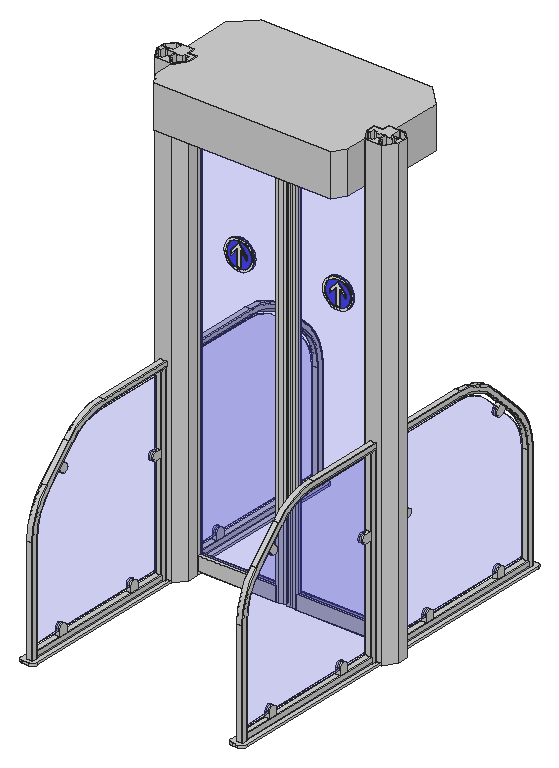
Revit family "agtatec_Record_ScrtTnnl_FlipFlowWide_Standalone2", category Doors, Revit 2015 (continued)
Lines and regions (mm)
  symbolic lines, detail levels fine
    curve 50: line (469.9, -65.303, 0) -> (469.9, -44, 0)
    curve 51: line (452.3, -65.303, 0) -> (469.9, -65.303, 0)
    curve 52: line (452.3, -67.057, 0) -> (452.3, -65.303, 0)
    curve 53: line (486.52, -121.863, 0) -> (452.3, -67.057, 0)
    curve 54: line (534.65, -90.06, 0) -> (534.65, -53.5, 0)
    curve 55: line (543.15, -90.06, 0) -> (534.65, -90.06, 0)
    curve 56: line (543.15, -103.76, 0) -> (543.15, -90.06, 0)
    curve 57: line (550.15, -103.76, 0) -> (543.15, -103.76, 0)
    curve 58: line (550.15, -113.76, 0) -> (550.15, -103.76, 0)
    curve 59: line (560.85, -113.76, 0) -> (550.15, -113.76, 0)
    curve 60: line (577.78, -121.863, 0) -> (560.85, -121.863, 0)
    curve 61: line (612, -67.057, 0) -> (577.78, -121.863, 0)
    curve 62: line (612, -65.303, 0) -> (612, -67.057, 0)
    curve 63: line (594.6, -65.303, 0) -> (612, -65.303, 0)
    curve 64: line (594.6, -44, 0) -> (594.6, -65.303, 0)
    curve 65: line (571.65, -44, 0) -> (594.6, -44, 0)
    curve 66: line (571.65, -53.5, 0) -> (571.65, -44, 0)
    curve 67: line (534.65, -53.5, 0) -> (571.65, -53.5, 0)
    curve 68: line (612, -39, 0) -> (552.6, -39, 0)
    curve 69: line (612, -21.326, 0) -> (612, -39, 0)
    curve 70: line (579.934, 10.74, 0) -> (612, -21.326, 0)
    curve 71: line (556, 10.74, 0) -> (579.934, 10.74, 0)
    curve 72: line (556, 7.95, 0) -> (556, 10.74, 0)
    curve 73: line (552.6, 7.95, 0) -> (556, 7.95, 0)
    curve 74: line (552.6, -39, 0) -> (552.6, 7.95, 0)
    curve 75: line (560.85, -121.863, 0) -> (560.85, -113.76, 0)
    curve 76: line (492.65, -44, 0) -> (492.65, -53.5, 0)
  reference lines
    curve 38: line (-536.4, 0, 0) -> (-536.4, 17.45, 0)
    curve 39: line (536.4, 0, 0) -> (536.4, 17.24, 0)
  symbolic lines, detail levels medium+fine
    curve 77: line (-520.358, -978.395, 0) -> (-544.441, -978.395, 0)
    curve 78: line (-547.441, -128.76, 0) -> (-547.441, -975.394, 0)
    curve 79: line (-517.358, -975.396, 0) -> (-517.358, -128.76, 0)
    curve 80: arc (-517.4, -975.396, 0) -> (-518.264, -977.502, 0) -> (-520.358, -978.395, 0) r 2.999
    curve 81: arc (-544.441, -978.395, 0) -> (-546.536, -977.501, 0) -> (-547.4, -975.394, 0) r 3.001
    curve 92: line (517.358, -128.76, 0) -> (517.358, -975.396, 0)
    curve 93: line (547.441, -975.394, 0) -> (547.441, -128.76, 0)
    curve 94: line (544.441, -978.395, 0) -> (520.358, -978.395, 0)
    curve 95: arc (520.358, -978.395, 0) -> (518.264, -977.502, 0) -> (517.4, -975.396, 0) r 2.999
    curve 96: arc (547.4, -975.394, 0) -> (546.536, -977.501, 0) -> (544.441, -978.395, 0) r 3.001
  symbolic lines, visible <- "LargeRailing", detail levels medium+fine
    curve 82: line (-547.441, 1214.801, 0) -> (-547.441, 17.45, 0)
    curve 83: line (-517.358, 17.45, 0) -> (-517.358, 1214.803, 0)
    curve 84: line (-544.441, 1217.802, 0) -> (-520.358, 1217.802, 0)
    curve 85: arc (-520.358, 1217.802, 0) -> (-518.264, 1216.91, 0) -> (-517.4, 1214.803, 0) r 2.999
    curve 86: arc (-547.4, 1214.801, 0) -> (-546.536, 1216.909, 0) -> (-544.441, 1217.802, 0) r 3.001
    curve 97: line (517.358, 1214.803, 0) -> (517.358, 17.45, 0)
    curve 98: line (547.441, 17.45, 0) -> (547.441, 1214.801, 0)
    curve 99: line (520.358, 1217.802, 0) -> (544.441, 1217.802, 0)
    curve 100: arc (517.4, 1214.803, 0) -> (518.264, 1216.91, 0) -> (520.358, 1217.802, 0) r 2.999
    curve 101: arc (544.441, 1217.802, 0) -> (546.536, 1216.909, 0) -> (547.4, 1214.801, 0) r 3.001
  symbolic lines, visible <- "ShortRailing", detail levels medium+fine
    curve 87: line (-544.441, 867.085, 0) -> (-520.358, 867.085, 0)
    curve 88: arc (-547.4, 864.084, 0) -> (-546.536, 866.191, 0) -> (-544.441, 867.085, 0) r 3.001
    curve 89: arc (-520.358, 867.085, 0) -> (-518.264, 866.192, 0) -> (-517.4, 864.086, 0) r 2.999
    curve 90: line (-517.358, 17.45, 0) -> (-517.358, 864.086, 0)
    curve 91: line (-547.441, 864.084, 0) -> (-547.441, 17.45, 0)
    curve 102: line (520.358, 867.085, 0) -> (544.441, 867.085, 0)
    curve 103: arc (544.441, 867.085, 0) -> (546.536, 866.191, 0) -> (547.4, 864.084, 0) r 3.001
    curve 104: arc (517.4, 864.086, 0) -> (518.264, 866.192, 0) -> (520.358, 867.085, 0) r 2.999
    curve 105: line (517.358, 864.086, 0) -> (517.358, 17.45, 0)
    curve 106: line (547.441, 17.45, 0) -> (547.441, 864.084, 0)
Dimensions and locks
  "PassageHeight": plane 5 "PH" to plane 2
  "CanopyHeight": plane 4 "Top" to plane 5 "PH"
  equal spacing: plane 6, plane 3 "Center (Left/Right)", plane 7
  "PassageWidth": plane 6 to plane 7
  locked: plane 7 to plane 8 at 23.1
  locked: plane 9 to plane 6 at 23.1
  plane 10 "Right" to plane 11 = 8.00 mm
  locked: plane 1 "Entry" to plane 14 at 9.35
  locked: plane 14 to plane 15 at 8.1
  locked: plane 5 "PH" to plane 17 at 19.1
  locked: plane 13 to plane 12 "Left" at 8
  locked: plane 12 "Left" to plane 9 at 55.3
  locked: plane 8 to plane 10 "Right" at 55.3
  locked: Extrusion 48 sketch curve to plane 5 "PH" at 51.33
  locked: Extrusion 48 sketch curve to plane 5 "PH" at 38.08
  plane 5 "PH" to Extrusion 48 sketch curve = 64.58 mm
  aligned and locked: level to plane 2
  aligned and locked: Sweep 1 sketch curve to plane 7
  aligned and locked: plane 1 "Entry" to nested 1
  aligned and locked: plane 9 to nested 1
  aligned and locked: plane 8 to nested 2
  aligned and locked: nested 2 to plane 1 "Entry"
  aligned and locked: Masking region 1 sketch curve to Sweep 2  (x9)
  aligned and locked: curve 1 to Sweep 2
  aligned and locked: curve 2 to Sweep 2
  aligned and locked: curve 3 to Sweep 2
  aligned and locked: curve 4 to Sweep 2
  aligned and locked: curve 5 to Sweep 2
  aligned and locked: curve 6 to Sweep 2
  aligned and locked: curve 7 to Sweep 2
  aligned and locked: curve 8 to Sweep 2
  aligned and locked: curve 9 to Sweep 2
  aligned and locked: curve 10 to Sweep 2
  aligned and locked: curve 11 to Sweep 2
  aligned and locked: curve 12 to Sweep 2
  aligned and locked: curve 13 to Sweep 2
  aligned and locked: curve 14 to Sweep 2
  aligned and locked: curve 15 to Sweep 2
  aligned and locked: curve 16 to Sweep 2
  aligned and locked: curve 17 to Sweep 2
  aligned and locked: curve 18 to Sweep 2
  aligned and locked: curve 19 to Sweep 2
  aligned and locked: curve 20 to Sweep 2
  aligned and locked: curve 21 to Sweep 2
  aligned and locked: curve 22 to Sweep 2
  aligned and locked: curve 23 to Sweep 2
  aligned and locked: curve 24 to Sweep 2
  aligned and locked: curve 25 to Sweep 2
  aligned and locked: curve 26 to Sweep 2
  aligned and locked: curve 27 to Sweep 2
  aligned and locked: curve 28 to Sweep 2
  aligned and locked: curve 29 to Sweep 2
  aligned and locked: curve 30 to Sweep 2
  aligned and locked: curve 31 to Sweep 2
  aligned and locked: curve 32 to Sweep 2
  aligned and locked: curve 33 to Sweep 2
  aligned and locked: curve 34 to Sweep 2
  aligned and locked: curve 35 to Sweep 2
  aligned and locked: curve 36 to Sweep 2
  aligned and locked: curve 37 to Sweep 2
  aligned and locked: curve 39 to plane 11
  aligned and locked: Extrusion 6 sketch curve to Sweep 1  (x2)
  aligned and locked: Extrusion 6 sketch curve to Sweep 2  (x2)
  aligned and locked: Masking region 2 sketch curve to Sweep 1  (x9)
  aligned and locked: curve 40 to Sweep 1
  aligned and locked: curve 41 to Sweep 1
  aligned and locked: curve 42 to Sweep 1
  aligned and locked: curve 43 to Sweep 1
  aligned and locked: curve 44 to Sweep 1
  aligned and locked: curve 45 to Sweep 1
  aligned and locked: curve 46 to Sweep 1
  aligned and locked: curve 47 to Sweep 1
  aligned and locked: Sweep 1 to curve 48
  aligned and locked: curve 49 to Sweep 1
  aligned and locked: curve 50 to Sweep 1
  aligned and locked: curve 51 to Sweep 1
  aligned and locked: curve 52 to Sweep 1
  aligned and locked: curve 53 to Sweep 1
  aligned and locked: curve 54 to Sweep 1
  aligned and locked: curve 55 to Sweep 1
  aligned and locked: curve 56 to Sweep 1
  aligned and locked: curve 57 to Sweep 1
  aligned and locked: curve 58 to Sweep 1
  aligned and locked: curve 59 to Sweep 1
  aligned and locked: curve 60 to Sweep 1
  aligned and locked: curve 61 to Sweep 1
  aligned and locked: curve 62 to Sweep 1
  aligned and locked: curve 63 to Sweep 1
  aligned and locked: curve 64 to Sweep 1
  aligned and locked: curve 65 to Sweep 1
  aligned and locked: curve 66 to Sweep 1
  aligned and locked: curve 67 to Sweep 1
  aligned and locked: curve 68 to Sweep 1
  aligned and locked: curve 69 to Sweep 1
  aligned and locked: curve 70 to Sweep 1
  aligned and locked: curve 71 to Sweep 1
  aligned and locked: curve 72 to Sweep 1
  aligned and locked: curve 73 to Sweep 1
  aligned and locked: curve 74 to Sweep 1
  aligned and locked: curve 75 to Sweep 1
  aligned and locked: curve 76 to Sweep 1
  aligned and locked: Extrusion 10 sketch curve to plane 15
  aligned and locked: Extrusion 13 to plane 11
  aligned and locked: plane 15 to Sweep 8 sketch curve
  aligned and locked: Extrusion 15 to plane 11
  aligned and locked: Extrusion 16 to plane 11
  aligned and locked: plane 3 "Center (Left/Right)" to nested 3
  aligned and locked: plane 1 "Entry" to nested 3
  aligned and locked: Masking region 3 sketch curve to Extrusion 23  (x3)
  aligned and locked: Sweep 2 to Masking region 3 sketch curve
  aligned and locked: Masking region 4 sketch curve to Extrusion 42  (x3)
  aligned and locked: Masking region 4 sketch curve to Sweep 2
  aligned and locked: Masking region 5 sketch curve to Extrusion 24  (x3)
  aligned and locked: Masking region 5 sketch curve to Sweep 2
  aligned and locked: curve 77 to Extrusion 23
  aligned and locked: curve 78 to Extrusion 32
  aligned and locked: curve 79 to Extrusion 32
  aligned and locked: curve 80 to Extrusion 23
  aligned and locked: curve 81 to Extrusion 23
  aligned and locked: curve 82 to Extrusion 25
  aligned and locked: curve 83 to Extrusion 25
  aligned and locked: curve 84 to Extrusion 24
  aligned and locked: curve 85 to Extrusion 24
  aligned and locked: curve 86 to Extrusion 24
  aligned and locked: curve 87 to Extrusion 42
  aligned and locked: curve 88 to Extrusion 42
  aligned and locked: curve 89 to Extrusion 42
  aligned and locked: curve 90 to Extrusion 45
  aligned and locked: curve 91 to Extrusion 45
  aligned and locked: Masking region 6 sketch curve to Extrusion 9  (x3)
  aligned and locked: Sweep 1 to Masking region 6 sketch curve
  aligned and locked: curve 92 to Extrusion 18
  aligned and locked: curve 93 to Extrusion 18
  aligned and locked: curve 94 to Extrusion 9
  aligned and locked: curve 95 to Extrusion 9
  aligned and locked: curve 96 to Extrusion 9
  aligned and locked: Masking region 7 sketch curve to Extrusion 36  (x3)
  aligned and locked: Sweep 1 to Masking region 7 sketch curve
  aligned and locked: Masking region 8 sketch curve to Extrusion 10  (x3)
  aligned and locked: Sweep 1 to Masking region 8 sketch curve
  aligned and locked: curve 97 to Extrusion 11
  aligned and locked: curve 98 to Extrusion 11
  aligned and locked: curve 99 to Extrusion 10
  aligned and locked: curve 100 to Extrusion 10
  aligned and locked: curve 101 to Extrusion 10
  aligned and locked: curve 102 to Extrusion 36
  aligned and locked: curve 103 to Extrusion 36
  aligned and locked: curve 104 to Extrusion 36
  aligned and locked: curve 105 to Extrusion 39
  aligned and locked: curve 106 to Extrusion 39
  aligned and locked: Extrusion 3 sketch curve to cut or joined group of Extrusion 3, Extrusion 4, Extrusion 5, Extrusion 6  (x19)
  aligned and locked: cut or joined group of Extrusion 3, Extrusion 4, Extrusion 5, Extrusion 6 to Extrusion 3 sketch curve
  aligned and locked: plane 5 "PH" to Extrusion 47 sketch curve
Automatic sketch dimensions
  plane 1 "Entry" to curve 38 = 0.00 mm
  curve 38 to plane 13 = 0.00 mm  (x2)
  plane 15 to curve 38 = 0.00 mm
  plane 1 "Entry" to curve 39 = 0.00 mm
  curve 39 to curve 39 = 14.122 mm
  Sweep 1 sketch curve to level = 0.00 mm
  Sweep 1 sketch curve to plane 4 "Top" = 0.00 mm
  Sweep 1 sketch curve to profile plane = 0.00 mm
  profile plane to Sweep 1 sketch curve = 2.30 mm
  profile plane to Sweep 1 sketch curve = 19.90 mm
  profile plane to Sweep 1 sketch curve = 36.52 mm
  Sweep 1 sketch curve to Sweep 1 sketch curve = 0.946 mm
  Sweep 1 sketch curve to Sweep 1 sketch curve = 22.75 mm
  Sweep 1 sketch curve to Sweep 1 sketch curve = 0.646 mm
  Sweep 1 sketch curve to Sweep 1 sketch curve = 16.93 mm
  Sweep 1 sketch curve to Sweep 1 sketch curve = 10.70 mm  (x2)
  Sweep 1 sketch curve to Sweep 1 sketch curve = 7.00 mm  (x2)
  Sweep 1 sketch curve to Sweep 1 sketch curve = 37.00 mm
  Sweep 1 sketch curve to Sweep 1 sketch curve = 5.00 mm  (x2)
  Sweep 1 sketch curve to Sweep 1 sketch curve = 8.50 mm
  Sweep 1 sketch curve to Sweep 1 sketch curve = 17.95 mm
  Sweep 1 sketch curve to Sweep 1 sketch curve = 3.40 mm
  Sweep 1 sketch curve to Sweep 1 sketch curve = 19.05 mm
  Sweep 1 sketch curve to Sweep 1 sketch curve = 20.752 mm
  Sweep 1 sketch curve to Sweep 1 sketch curve = 16.185 mm
  Sweep 1 sketch curve to Sweep 1 sketch curve = 0.746 mm
  Sweep 1 sketch curve to Sweep 1 sketch curve = 3.182 mm
  Sweep 1 sketch curve to Sweep 1 sketch curve = 22.95 mm
  plane 1 "Entry" to Sweep 1 sketch curve = 21.326 mm
  Sweep 1 sketch curve to Sweep 1 sketch curve = 17.40 mm  (x2)
  plane 1 "Entry" to Sweep 1 sketch curve = 20.298 mm
  Sweep 1 sketch curve to Sweep 1 sketch curve = 2.50 mm
  plane 1 "Entry" to Sweep 1 sketch curve = 20.296 mm
  Sweep 1 sketch curve to plane 1 "Entry" = 7.95 mm
  Sweep 1 sketch curve to Sweep 1 sketch curve = 2.79 mm
  Sweep 1 sketch curve to Sweep 1 sketch curve = 6.71 mm
  plane 1 "Entry" to Sweep 1 sketch curve = 39.00 mm
  Sweep 1 sketch curve to Sweep 1 sketch curve = 23.704 mm
  Sweep 1 sketch curve to Sweep 1 sketch curve = 14.50 mm
  Sweep 1 sketch curve to Sweep 1 sketch curve = 0.00 mm  (x2)
  Sweep 1 sketch curve to Sweep 1 sketch curve = 21.303 mm  (x2)
  Sweep 1 sketch curve to Sweep 1 sketch curve = 1.754 mm  (x2)
  Sweep 1 sketch curve to Sweep 1 sketch curve = 1.746 mm  (x2)
  Sweep 1 sketch curve to Sweep 1 sketch curve = 36.56 mm
  Sweep 1 sketch curve to Sweep 1 sketch curve = 13.70 mm  (x2)
  Sweep 1 sketch curve to Sweep 1 sketch curve = 10.00 mm  (x2)
  Sweep 1 sketch curve to Sweep 1 sketch curve = 8.103 mm  (x2)
  Sweep 1 sketch curve to Sweep 1 sketch curve = 6.897 mm
  Sweep 2 sketch curve to plane 4 "Top" = 0.00 mm
  plane 6 to Sweep 2 sketch curve = 0.00 mm
  Sweep 2 sketch curve to level = 0.00 mm
  Sweep 2 sketch curve to profile plane = 0.00 mm
  Sweep 2 sketch curve to profile plane = 2.30 mm
  Sweep 2 sketch curve to Sweep 2 sketch curve = 17.60 mm
  Sweep 2 sketch curve to profile plane = 36.52 mm
  Sweep 2 sketch curve to Sweep 2 sketch curve = 0.946 mm
  Sweep 2 sketch curve to Sweep 2 sketch curve = 22.75 mm
  Sweep 2 sketch curve to Sweep 2 sketch curve = 0.646 mm
  Sweep 2 sketch curve to Sweep 2 sketch curve = 16.93 mm
  Sweep 2 sketch curve to Sweep 2 sketch curve = 10.70 mm  (x2)
  Sweep 2 sketch curve to Sweep 2 sketch curve = 7.00 mm  (x2)
  Sweep 2 sketch curve to Sweep 2 sketch curve = 37.00 mm
  Sweep 2 sketch curve to Sweep 2 sketch curve = 5.00 mm  (x2)
  Sweep 2 sketch curve to Sweep 2 sketch curve = 8.50 mm
  Sweep 2 sketch curve to plane 1 "Entry" = 7.95 mm
  Sweep 2 sketch curve to Sweep 2 sketch curve = 59.304 mm
  Sweep 2 sketch curve to Sweep 2 sketch curve = 3.40 mm
  Sweep 2 sketch curve to Sweep 2 sketch curve = 19.05 mm
  Sweep 2 sketch curve to Sweep 2 sketch curve = 20.752 mm
  Sweep 2 sketch curve to Sweep 2 sketch curve = 16.185 mm
  Sweep 2 sketch curve to Sweep 2 sketch curve = 0.746 mm
  Sweep 2 sketch curve to Sweep 2 sketch curve = 3.182 mm
  Sweep 2 sketch curve to Sweep 2 sketch curve = 22.95 mm
  Sweep 2 sketch curve to Sweep 2 sketch curve = 17.40 mm  (x2)
  plane 1 "Entry" to Sweep 2 sketch curve = 68.803 mm
  Sweep 2 sketch curve to Sweep 2 sketch curve = 2.50 mm
  Sweep 2 sketch curve to Sweep 2 sketch curve = 2.79 mm
  Sweep 2 sketch curve to Sweep 2 sketch curve = 6.71 mm
  plane 1 "Entry" to Sweep 2 sketch curve = 20.296 mm
  plane 1 "Entry" to Sweep 2 sketch curve = 20.298 mm
  Sweep 2 sketch curve to Sweep 2 sketch curve = 1.028 mm
  plane 1 "Entry" to Sweep 2 sketch curve = 39.00 mm
  Sweep 2 sketch curve to Sweep 2 sketch curve = 23.704 mm
  Sweep 2 sketch curve to Sweep 2 sketch curve = 14.50 mm
  Sweep 2 sketch curve to Sweep 2 sketch curve = 0.00 mm  (x2)
  Sweep 2 sketch curve to Sweep 2 sketch curve = 21.303 mm
  Sweep 2 sketch curve to Sweep 2 sketch curve = 3.50 mm
  Sweep 2 sketch curve to Sweep 2 sketch curve = 1.754 mm  (x2)
  Sweep 2 sketch curve to Sweep 2 sketch curve = 1.746 mm
  Sweep 2 sketch curve to Sweep 2 sketch curve = 36.56 mm
  Sweep 2 sketch curve to Sweep 2 sketch curve = 13.70 mm  (x2)
  Sweep 2 sketch curve to Sweep 2 sketch curve = 10.00 mm  (x2)
  Sweep 2 sketch curve to Sweep 2 sketch curve = 8.103 mm  (x2)
  Sweep 2 sketch curve to Sweep 2 sketch curve = 6.897 mm
  Extrusion 6 sketch curve to plane 7 = 0.00 mm
  Extrusion 6 sketch curve to plane 6 = 0.00 mm
  plane 15 to Extrusion 6 sketch curve = 0.00 mm  (x2)
  Extrusion 6 sketch curve to plane 8 = 15.00 mm
  plane 7 to Extrusion 6 sketch curve = 1.542 mm
  Extrusion 6 sketch curve to plane 6 = 2.149 mm
  Extrusion 6 sketch curve to plane 9 = 14.65 mm
  Extrusion 6 sketch curve to Extrusion 6 sketch curve = 48.507 mm  (x2)
  Extrusion 6 sketch curve to Extrusion 6 sketch curve = 60.413 mm
  Extrusion 6 sketch curve to Extrusion 6 sketch curve = 60.973 mm
  Extrusion 6 sketch curve to Extrusion 6 sketch curve = 101.834 mm
  Extrusion 6 sketch curve to Extrusion 6 sketch curve = 101.982 mm
  Extrusion 6 sketch curve to Extrusion 6 sketch curve = 63.852 mm
  Sweep 7 sketch curve to level = 0.00 mm
  plane 1 "Entry" to Sweep 7 sketch curve = 128.76 mm
  Sweep 7 sketch curve to Sweep 7 sketch curve = 393.213 mm
  Sweep 7 sketch curve to Sweep 7 sketch curve = 141.421 mm  (x4)
  Sweep 7 sketch curve to Sweep 7 sketch curve = 222.739 mm
  Sweep 7 sketch curve to Sweep 7 sketch curve = 92.261 mm
  plane 16 to Sweep 7 sketch curve = 472.679 mm
  Sweep 7 sketch curve to profile plane = 0.00 mm
  profile plane to Sweep 7 sketch curve = 2.999 mm
  profile plane to Sweep 7 sketch curve = 3.001 mm
  plane 10 "Right" to Sweep 7 sketch curve = 11.00 mm
  Sweep 7 sketch curve to Sweep 7 sketch curve = 23.999 mm
  Sweep 7 sketch curve to Sweep 7 sketch curve = 24.00 mm
  Sweep 7 sketch curve to Sweep 7 sketch curve = 3.00 mm
  Sweep 7 sketch curve to Sweep 7 sketch curve = 2.999 mm  (x2)
  Sweep 7 sketch curve to plane 10 "Right" = 15.998 mm
  Sweep 7 sketch curve to plane 10 "Right" = 16.001 mm
  Sweep 7 sketch curve to Sweep 7 sketch curve = 0.042 mm
  Sweep 7 sketch curve to Sweep 7 sketch curve = 0.00 mm
  Sweep 8 sketch curve to level = 0.00 mm
  plane 15 to Sweep 8 sketch curve = 743.929 mm
  Sweep 8 sketch curve to Sweep 8 sketch curve = 141.423 mm  (x4)
  Sweep 8 sketch curve to Sweep 8 sketch curve = 222.739 mm
  Sweep 8 sketch curve to plane 16 = 695.416 mm
  Sweep 8 sketch curve to Sweep 8 sketch curve = 315.00 mm
  Sweep 8 sketch curve to profile plane = 0.00 mm
  Sweep 8 sketch curve to profile plane = 2.999 mm
  Sweep 8 sketch curve to profile plane = 3.001 mm
  plane 10 "Right" to Sweep 8 sketch curve = 11.00 mm
  Sweep 8 sketch curve to Sweep 8 sketch curve = 23.999 mm
  Sweep 8 sketch curve to Sweep 8 sketch curve = 24.00 mm
  Sweep 8 sketch curve to Sweep 8 sketch curve = 3.00 mm
  Sweep 8 sketch curve to Sweep 8 sketch curve = 2.999 mm  (x2)
  Sweep 8 sketch curve to plane 10 "Right" = 15.998 mm
  Sweep 8 sketch curve to plane 10 "Right" = 16.001 mm
  Sweep 8 sketch curve to Sweep 8 sketch curve = 0.042 mm
  Sweep 8 sketch curve to Sweep 8 sketch curve = 0.00 mm
  Extrusion 9 sketch curve to plane 8 = 19.299 mm
  plane 10 "Right" to Extrusion 9 sketch curve = 11.001 mm
  plane 10 "Right" to Extrusion 9 sketch curve = 11.00 mm
  plane 10 "Right" to Extrusion 9 sketch curve = 10.959 mm
  Extrusion 9 sketch curve to Extrusion 9 sketch curve = 2.959 mm
  Extrusion 9 sketch curve to Extrusion 9 sketch curve = 0.041 mm
  Extrusion 9 sketch curve to Extrusion 9 sketch curve = 3.00 mm  (x5)
  Extrusion 9 sketch curve to Extrusion 9 sketch curve = 0.00 mm  (x4)
  Extrusion 9 sketch curve to Extrusion 9 sketch curve = 2.993 mm
  Extrusion 9 sketch curve to Extrusion 9 sketch curve = 0.007 mm  (x2)
  Extrusion 9 sketch curve to plane 11 = 7.998 mm
  Extrusion 9 sketch curve to plane 11 = 8.001 mm
  Extrusion 9 sketch curve to plane 11 = 8.041 mm  (x2)
  Extrusion 9 sketch curve to Extrusion 9 sketch curve = 0.042 mm
  Extrusion 9 sketch curve to Extrusion 9 sketch curve = 0.05 mm
  Extrusion 9 sketch curve to plane 11 = 10.999 mm
  Extrusion 9 sketch curve to Extrusion 9 sketch curve = 2.999 mm
  Extrusion 9 sketch curve to Extrusion 9 sketch curve = 25.00 mm
  plane 1 "Entry" to Extrusion 9 sketch curve = 1003.395 mm
  Extrusion 9 sketch curve to Extrusion 9 sketch curve = 23.999 mm
  Extrusion 9 sketch curve to Extrusion 9 sketch curve = 24.00 mm  (x3)
  plane 1 "Entry" to Extrusion 9 sketch curve = 158.76 mm
  plane 15 to Extrusion 10 sketch curve = 0.00 mm  (x3)
  plane 8 to Extrusion 10 sketch curve = 19.299 mm
  Extrusion 10 sketch curve to plane 10 "Right" = 11.001 mm
  Extrusion 10 sketch curve to plane 10 "Right" = 11.00 mm
  Extrusion 10 sketch curve to plane 10 "Right" = 10.959 mm
  Extrusion 10 sketch curve to Extrusion 10 sketch curve = 2.959 mm  (x2)
  Extrusion 10 sketch curve to Extrusion 10 sketch curve = 0.041 mm
  Extrusion 10 sketch curve to Extrusion 10 sketch curve = 3.00 mm  (x3)
  Extrusion 10 sketch curve to Extrusion 10 sketch curve = 0.00 mm  (x3)
  Extrusion 10 sketch curve to Extrusion 10 sketch curve = 2.993 mm
  Extrusion 10 sketch curve to Extrusion 10 sketch curve = 0.007 mm  (x2)
  plane 11 to Extrusion 10 sketch curve = 7.998 mm
  plane 11 to Extrusion 10 sketch curve = 8.001 mm
  plane 15 to Extrusion 10 sketch curve = 3.00 mm
  plane 11 to Extrusion 10 sketch curve = 8.041 mm
  Extrusion 10 sketch curve to Extrusion 10 sketch curve = 0.042 mm
  Extrusion 10 sketch curve to Extrusion 10 sketch curve = 0.05 mm
  Extrusion 10 sketch curve to Extrusion 10 sketch curve = 0.001 mm
  Extrusion 10 sketch curve to Extrusion 10 sketch curve = 25.00 mm
  Extrusion 10 sketch curve to Extrusion 10 sketch curve = 24.00 mm  (x2)
  Extrusion 10 sketch curve to Extrusion 10 sketch curve = 1140.352 mm
  Extrusion 10 sketch curve to Extrusion 10 sketch curve = 0.002 mm
  Extrusion 10 sketch curve to Extrusion 10 sketch curve = 3.001 mm
  Extrusion 11 sketch curve to plane 11 = 8.096 mm
  plane 16 to Extrusion 11 sketch curve = 399.099 mm
  Extrusion 11 sketch curve to Extrusion 11 sketch curve = 2.948 mm  (x2)
  Extrusion 11 sketch curve to Extrusion 11 sketch curve = 0.052 mm  (x2)
  Extrusion 11 sketch curve to Extrusion 11 sketch curve = 24.05 mm  (x2)
  plane 10 "Right" to Extrusion 11 sketch curve = 11.042 mm
  Extrusion 11 sketch curve to Extrusion 11 sketch curve = 3.002 mm
  Extrusion 11 sketch curve to Extrusion 11 sketch curve = 2.944 mm
  Extrusion 11 sketch curve to plane 11 = 8.039 mm
  plane 10 "Right" to Extrusion 12 sketch curve = 10.959 mm
  Extrusion 12 sketch curve to Extrusion 12 sketch curve = 2.993 mm
  Extrusion 12 sketch curve to Extrusion 12 sketch curve = 3.00 mm  (x3)
  Extrusion 12 sketch curve to plane 11 = 8.041 mm  (x2)
  Extrusion 12 sketch curve to Extrusion 12 sketch curve = 0.007 mm
  plane 1 "Entry" to Extrusion 12 sketch curve = 158.76 mm
  Extrusion 12 sketch curve to Extrusion 12 sketch curve = 24.00 mm
  Extrusion 13 sketch curve to plane 15 = 1150.352 mm
  plane 16 to Extrusion 13 sketch curve = 654.824 mm
  Extrusion 13 sketch curve to Extrusion 13 sketch curve = 73.223 mm
  Extrusion 13 sketch curve to Extrusion 13 sketch curve = 61.383 mm
  Extrusion 13 sketch curve to Extrusion 13 sketch curve = 6.647 mm  (x4)
  Extrusion 13 sketch curve to Extrusion 13 sketch curve = 14.142 mm  (x2)
  Extrusion 13 sketch curve to Extrusion 13 sketch curve = 7.495 mm
  Extrusion 13 sketch curve to Extrusion 13 sketch curve = 210.00 mm
  Extrusion 13 sketch curve to Extrusion 13 sketch curve = 60.886 mm  (x2)
  Extrusion 13 sketch curve to Extrusion 13 sketch curve = 20.00 mm  (x3)
  Extrusion 13 sketch curve to Extrusion 13 sketch curve = 0.00 mm
  Extrusion 13 sketch curve to Extrusion 13 sketch curve = 150.553 mm  (x2)
  Extrusion 13 sketch curve to plane 15 = 270.355 mm  (x2)
  Extrusion 13 sketch curve to plane 15 = 50.355 mm
  plane 16 to Extrusion 13 sketch curve = 429.10 mm
  Extrusion 13 sketch curve to Extrusion 13 sketch curve = 48.947 mm
  Extrusion 13 sketch curve to Extrusion 13 sketch curve = 9.50 mm  (x5)
  Extrusion 13 sketch curve to Extrusion 13 sketch curve = 54.736 mm
  plane 15 to Extrusion 14 sketch curve = 0.00 mm
  Extrusion 14 sketch curve to plane 10 "Right" = 10.959 mm
  Extrusion 14 sketch curve to Extrusion 14 sketch curve = 2.993 mm
  Extrusion 14 sketch curve to Extrusion 14 sketch curve = 3.00 mm  (x2)
  plane 11 to Extrusion 14 sketch curve = 8.041 mm  (x2)
  plane 15 to Extrusion 14 sketch curve = 3.00 mm
  Extrusion 14 sketch curve to Extrusion 14 sketch curve = 0.007 mm
  Extrusion 14 sketch curve to Extrusion 14 sketch curve = 24.00 mm
  plane 16 to Extrusion 15 sketch curve = 349.10 mm
  Extrusion 15 sketch curve to plane 15 = 1150.355 mm
  Extrusion 15 sketch curve to Extrusion 15 sketch curve = 210.003 mm  (x2)
  Extrusion 15 sketch curve to plane 16 = 10.90 mm  (x3)
  Extrusion 15 sketch curve to plane 16 = 0.90 mm  (x2)
  Extrusion 15 sketch curve to Extrusion 15 sketch curve = 20.00 mm  (x4)
  Extrusion 15 sketch curve to plane 15 = 270.355 mm  (x2)
  Extrusion 15 sketch curve to plane 15 = 50.355 mm
  plane 16 to Extrusion 15 sketch curve = 339.10 mm
  Extrusion 15 sketch curve to Extrusion 15 sketch curve = 10.00 mm  (x3)
  Extrusion 16 sketch curve to plane 16 = 10.90 mm  (x3)
  plane 1 "Entry" to Extrusion 16 sketch curve = 178.395 mm  (x2)
  Extrusion 16 sketch curve to Extrusion 16 sketch curve = 10.365 mm
  Extrusion 16 sketch curve to plane 16 = 0.901 mm  (x2)
  Extrusion 16 sketch curve to Extrusion 16 sketch curve = 130.00 mm  (x2)
  Extrusion 16 sketch curve to Extrusion 16 sketch curve = 20.00 mm  (x3)
  Extrusion 16 sketch curve to Extrusion 16 sketch curve = 349.447 mm
  Extrusion 16 sketch curve to Extrusion 16 sketch curve = 150.553 mm  (x2)
  Extrusion 16 sketch curve to Extrusion 16 sketch curve = 176.777 mm
  Extrusion 16 sketch curve to Extrusion 16 sketch curve = 410.00 mm
  Extrusion 16 sketch curve to Extrusion 16 sketch curve = 54.236 mm  (x2)
  Extrusion 16 sketch curve to Extrusion 16 sketch curve = 6.898 mm  (x3)
  Extrusion 16 sketch curve to Extrusion 16 sketch curve = 14.142 mm  (x3)
  Extrusion 16 sketch curve to Extrusion 16 sketch curve = 61.135 mm
  plane 16 to Extrusion 16 sketch curve = 478.547 mm
  Extrusion 16 sketch curve to Extrusion 16 sketch curve = 20.553 mm
  Extrusion 17 sketch curve to plane 11 = 8.096 mm
  Extrusion 17 sketch curve to plane 16 = 30.901 mm
  Extrusion 17 sketch curve to Extrusion 17 sketch curve = 2.948 mm  (x2)
  Extrusion 17 sketch curve to Extrusion 17 sketch curve = 3.00 mm  (x3)
  level to Extrusion 17 sketch curve = 13.002 mm  (x2)
  Extrusion 17 sketch curve to Extrusion 17 sketch curve = 3.002 mm
  Extrusion 17 sketch curve to Extrusion 17 sketch curve = 0.055 mm
  plane 10 "Right" to Extrusion 17 sketch curve = 8.041 mm
  Extrusion 18 sketch curve to plane 11 = 8.096 mm
  Extrusion 18 sketch curve to plane 16 = 30.901 mm
  Extrusion 18 sketch curve to Extrusion 18 sketch curve = 2.948 mm  (x2)
  Extrusion 18 sketch curve to Extrusion 18 sketch curve = 3.00 mm  (x3)
  level to Extrusion 18 sketch curve = 13.002 mm  (x2)
  Extrusion 18 sketch curve to Extrusion 18 sketch curve = 3.002 mm
  Extrusion 18 sketch curve to Extrusion 18 sketch curve = 2.944 mm
  plane 10 "Right" to Extrusion 18 sketch curve = 8.041 mm
  Extrusion 19 sketch curve to plane 15 = 1030.312 mm
  Extrusion 19 sketch curve to Extrusion 19 sketch curve = 21.213 mm
  Extrusion 19 sketch curve to Extrusion 19 sketch curve = 28.284 mm
  Extrusion 19 sketch curve to Extrusion 19 sketch curve = 14.142 mm  (x3)
  Extrusion 19 sketch curve to Extrusion 19 sketch curve = 68.747 mm
  Extrusion 19 sketch curve to Extrusion 19 sketch curve = 0.00 mm  (x3)
  Extrusion 19 sketch curve to plane 16 = 0.90 mm  (x2)
  Extrusion 19 sketch curve to Extrusion 19 sketch curve = 20.00 mm  (x7)
  Extrusion 19 sketch curve to plane 15 = 270.355 mm  (x3)
  Extrusion 19 sketch curve to Extrusion 19 sketch curve = 30.00 mm  (x9)
  plane 16 to Extrusion 19 sketch curve = 339.10 mm  (x2)
  Extrusion 19 sketch curve to Extrusion 19 sketch curve = 280.46 mm
  Extrusion 19 sketch curve to Extrusion 19 sketch curve = 440.00 mm
  plane 1 "Entry" to Extrusion 20 sketch curve = 158.76 mm
  Extrusion 20 sketch curve to Extrusion 20 sketch curve = 30.00 mm  (x3)
  Extrusion 20 sketch curve to plane 16 = 0.901 mm  (x2)
  plane 1 "Entry" to Extrusion 20 sketch curve = 308.395 mm
  Extrusion 20 sketch curve to Extrusion 20 sketch curve = 20.00 mm  (x3)
  Extrusion 20 sketch curve to Extrusion 20 sketch curve = 410.00 mm
  Extrusion 20 sketch curve to Extrusion 20 sketch curve = 570.094 mm
  Extrusion 20 sketch curve to Extrusion 20 sketch curve = 14.142 mm  (x3)
  Extrusion 20 sketch curve to Extrusion 20 sketch curve = 21.213 mm  (x2)
  plane 16 to Extrusion 20 sketch curve = 499.10 mm
  Extrusion 20 sketch curve to Extrusion 20 sketch curve = 170.459 mm
  Sweep 21 sketch curve to profile plane = 0.00 mm
  Sweep 21 sketch curve to profile plane = 2.999 mm
  Sweep 21 sketch curve to profile plane = 3.001 mm
  profile plane to Sweep 21 sketch curve = 11.00 mm
  Sweep 21 sketch curve to Sweep 21 sketch curve = 23.999 mm
  Sweep 21 sketch curve to Sweep 21 sketch curve = 24.00 mm
  Sweep 21 sketch curve to Sweep 21 sketch curve = 3.00 mm
  Sweep 21 sketch curve to Sweep 21 sketch curve = 2.999 mm  (x2)
  Sweep 21 sketch curve to profile plane = 15.998 mm
  Sweep 21 sketch curve to profile plane = 16.001 mm
  Sweep 21 sketch curve to Sweep 21 sketch curve = 0.042 mm
  Sweep 21 sketch curve to Sweep 21 sketch curve = 0.00 mm
  Sweep 22 sketch curve to profile plane = 0.00 mm
  profile plane to Sweep 22 sketch curve = 2.999 mm
  profile plane to Sweep 22 sketch curve = 3.001 mm
  profile plane to Sweep 22 sketch curve = 11.00 mm
  Sweep 22 sketch curve to Sweep 22 sketch curve = 23.999 mm
  Sweep 22 sketch curve to Sweep 22 sketch curve = 24.00 mm
  Sweep 22 sketch curve to Sweep 22 sketch curve = 3.00 mm
  Sweep 22 sketch curve to Sweep 22 sketch curve = 2.999 mm  (x2)
  Sweep 22 sketch curve to profile plane = 15.998 mm
  Sweep 22 sketch curve to profile plane = 16.001 mm
  Sweep 22 sketch curve to Sweep 22 sketch curve = 0.042 mm
  Sweep 22 sketch curve to Sweep 22 sketch curve = 0.00 mm
  plane 9 to Extrusion 23 sketch curve = 19.299 mm
  Extrusion 23 sketch curve to plane 12 "Left" = 11.001 mm
  Extrusion 23 sketch curve to plane 12 "Left" = 11.00 mm
  Extrusion 23 sketch curve to plane 12 "Left" = 10.959 mm
  Extrusion 23 sketch curve to Extrusion 23 sketch curve = 2.959 mm
  Extrusion 23 sketch curve to Extrusion 23 sketch curve = 0.041 mm
  Extrusion 23 sketch curve to Extrusion 23 sketch curve = 3.00 mm  (x5)
  Extrusion 23 sketch curve to Extrusion 23 sketch curve = 0.00 mm  (x4)
  Extrusion 23 sketch curve to Extrusion 23 sketch curve = 2.993 mm
  Extrusion 23 sketch curve to Extrusion 23 sketch curve = 0.007 mm  (x2)
  plane 13 to Extrusion 23 sketch curve = 7.998 mm
  plane 13 to Extrusion 23 sketch curve = 8.001 mm
  plane 13 to Extrusion 23 sketch curve = 8.041 mm  (x2)
  Extrusion 23 sketch curve to Extrusion 23 sketch curve = 0.042 mm
  Extrusion 23 sketch curve to Extrusion 23 sketch curve = 0.05 mm
  plane 13 to Extrusion 23 sketch curve = 10.999 mm
  Extrusion 23 sketch curve to Extrusion 23 sketch curve = 2.999 mm
  Extrusion 23 sketch curve to Extrusion 23 sketch curve = 25.00 mm
  Extrusion 23 sketch curve to plane 1 "Entry" = 1003.395 mm
  Extrusion 23 sketch curve to Extrusion 23 sketch curve = 23.999 mm
  Extrusion 23 sketch curve to Extrusion 23 sketch curve = 24.00 mm  (x3)
  Extrusion 23 sketch curve to plane 1 "Entry" = 158.76 mm
  plane 15 to Extrusion 24 sketch curve = 0.00 mm  (x4)
  Extrusion 24 sketch curve to plane 9 = 19.299 mm
  plane 12 "Left" to Extrusion 24 sketch curve = 11.001 mm
  plane 12 "Left" to Extrusion 24 sketch curve = 11.00 mm
  plane 12 "Left" to Extrusion 24 sketch curve = 10.959 mm
  Extrusion 24 sketch curve to Extrusion 24 sketch curve = 2.959 mm  (x2)
  Extrusion 24 sketch curve to Extrusion 24 sketch curve = 0.041 mm
  Extrusion 24 sketch curve to Extrusion 24 sketch curve = 3.00 mm  (x3)
  Extrusion 24 sketch curve to Extrusion 24 sketch curve = 0.00 mm  (x3)
  Extrusion 24 sketch curve to Extrusion 24 sketch curve = 2.993 mm
  Extrusion 24 sketch curve to Extrusion 24 sketch curve = 0.007 mm  (x2)
  Extrusion 24 sketch curve to plane 13 = 7.998 mm
  Extrusion 24 sketch curve to plane 13 = 8.001 mm
  Extrusion 24 sketch curve to plane 15 = 3.00 mm
  Extrusion 24 sketch curve to plane 13 = 8.041 mm
  Extrusion 24 sketch curve to Extrusion 24 sketch curve = 0.042 mm
  Extrusion 24 sketch curve to Extrusion 24 sketch curve = 0.05 mm
  Extrusion 24 sketch curve to Extrusion 24 sketch curve = 0.001 mm
  Extrusion 24 sketch curve to Extrusion 24 sketch curve = 25.00 mm
  Extrusion 24 sketch curve to Extrusion 24 sketch curve = 24.00 mm  (x2)
  Extrusion 24 sketch curve to Extrusion 24 sketch curve = 1140.352 mm
  Extrusion 24 sketch curve to Extrusion 24 sketch curve = 0.002 mm
  Extrusion 24 sketch curve to Extrusion 24 sketch curve = 3.001 mm
  Extrusion 25 sketch curve to plane 13 = 8.096 mm
  plane 16 to Extrusion 25 sketch curve = 399.099 mm
  Extrusion 25 sketch curve to Extrusion 25 sketch curve = 2.948 mm  (x2)
  Extrusion 25 sketch curve to Extrusion 25 sketch curve = 3.00 mm  (x3)
  Extrusion 25 sketch curve to Extrusion 25 sketch curve = 24.05 mm  (x2)
  plane 12 "Left" to Extrusion 25 sketch curve = 11.042 mm
  Extrusion 25 sketch curve to Extrusion 25 sketch curve = 3.002 mm
  Extrusion 25 sketch curve to Extrusion 25 sketch curve = 2.944 mm
  Extrusion 26 sketch curve to plane 12 "Left" = 10.959 mm
  Extrusion 26 sketch curve to Extrusion 26 sketch curve = 2.993 mm
  Extrusion 26 sketch curve to Extrusion 26 sketch curve = 3.00 mm  (x2)
  Extrusion 26 sketch curve to Extrusion 26 sketch curve = 0.007 mm  (x2)
  plane 13 to Extrusion 26 sketch curve = 8.041 mm  (x2)
  Extrusion 26 sketch curve to plane 1 "Entry" = 158.76 mm
  Extrusion 26 sketch curve to Extrusion 26 sketch curve = 24.00 mm
  plane 15 to Extrusion 28 sketch curve = 0.00 mm
  plane 12 "Left" to Extrusion 28 sketch curve = 10.959 mm
  Extrusion 28 sketch curve to Extrusion 28 sketch curve = 2.993 mm
  Extrusion 28 sketch curve to Extrusion 28 sketch curve = 3.00 mm
  Extrusion 28 sketch curve to Extrusion 28 sketch curve = 0.007 mm  (x2)
  Extrusion 28 sketch curve to plane 13 = 8.041 mm  (x2)
  Extrusion 28 sketch curve to plane 15 = 3.00 mm
  Extrusion 28 sketch curve to Extrusion 28 sketch curve = 24.00 mm
  Extrusion 31 sketch curve to plane 13 = 8.096 mm
  Extrusion 31 sketch curve to plane 16 = 30.901 mm
  Extrusion 31 sketch curve to Extrusion 31 sketch curve = 2.948 mm  (x2)
  Extrusion 31 sketch curve to Extrusion 31 sketch curve = 3.00 mm  (x3)
  level to Extrusion 31 sketch curve = 13.002 mm  (x2)
  Extrusion 31 sketch curve to Extrusion 31 sketch curve = 3.002 mm
  Extrusion 31 sketch curve to Extrusion 31 sketch curve = 2.944 mm
  plane 12 "Left" to Extrusion 31 sketch curve = 8.041 mm
  Extrusion 32 sketch curve to plane 13 = 8.096 mm
  Extrusion 32 sketch curve to plane 16 = 30.901 mm
  Extrusion 32 sketch curve to Extrusion 32 sketch curve = 2.948 mm  (x2)
  Extrusion 32 sketch curve to Extrusion 32 sketch curve = 3.00 mm  (x2)
  Extrusion 32 sketch curve to Extrusion 32 sketch curve = 0.052 mm
  level to Extrusion 32 sketch curve = 13.002 mm  (x2)
  Extrusion 32 sketch curve to Extrusion 32 sketch curve = 3.002 mm
  Extrusion 32 sketch curve to Extrusion 32 sketch curve = 0.055 mm
  plane 12 "Left" to Extrusion 32 sketch curve = 8.041 mm
  Sweep 35 sketch curve to level = 0.00 mm
  plane 15 to Sweep 35 sketch curve = 0.00 mm
  Sweep 35 sketch curve to Sweep 35 sketch curve = 393.213 mm
  Sweep 35 sketch curve to Sweep 35 sketch curve = 141.421 mm  (x4)
  Sweep 35 sketch curve to Sweep 35 sketch curve = 222.739 mm
  Sweep 35 sketch curve to Sweep 35 sketch curve = 92.261 mm
  Sweep 35 sketch curve to plane 16 = 472.679 mm
  Sweep 35 sketch curve to profile plane = 0.00 mm
  Sweep 35 sketch curve to profile plane = 2.999 mm
  Sweep 35 sketch curve to profile plane = 3.001 mm
  plane 10 "Right" to Sweep 35 sketch curve = 11.00 mm
  Sweep 35 sketch curve to Sweep 35 sketch curve = 23.999 mm
  Sweep 35 sketch curve to Sweep 35 sketch curve = 24.00 mm
  Sweep 35 sketch curve to Sweep 35 sketch curve = 3.00 mm
  Sweep 35 sketch curve to Sweep 35 sketch curve = 2.999 mm  (x2)
  Sweep 35 sketch curve to plane 10 "Right" = 15.998 mm
  Sweep 35 sketch curve to plane 10 "Right" = 16.001 mm
  Sweep 35 sketch curve to Sweep 35 sketch curve = 0.042 mm
  Sweep 35 sketch curve to Sweep 35 sketch curve = 0.00 mm
  plane 8 to Extrusion 36 sketch curve = 19.299 mm
  Extrusion 36 sketch curve to plane 10 "Right" = 11.001 mm
  Extrusion 36 sketch curve to plane 10 "Right" = 11.00 mm
  Extrusion 36 sketch curve to plane 10 "Right" = 10.959 mm
  Extrusion 36 sketch curve to Extrusion 36 sketch curve = 2.959 mm
  Extrusion 36 sketch curve to Extrusion 36 sketch curve = 0.041 mm
  Extrusion 36 sketch curve to Extrusion 36 sketch curve = 3.00 mm  (x5)
  Extrusion 36 sketch curve to Extrusion 36 sketch curve = 0.00 mm  (x4)
  Extrusion 36 sketch curve to Extrusion 36 sketch curve = 2.993 mm
  Extrusion 36 sketch curve to Extrusion 36 sketch curve = 0.007 mm  (x2)
  plane 11 to Extrusion 36 sketch curve = 7.998 mm
  plane 11 to Extrusion 36 sketch curve = 8.001 mm
  plane 11 to Extrusion 36 sketch curve = 8.041 mm  (x2)
  Extrusion 36 sketch curve to Extrusion 36 sketch curve = 0.042 mm
  Extrusion 36 sketch curve to Extrusion 36 sketch curve = 0.05 mm
  plane 11 to Extrusion 36 sketch curve = 10.999 mm
  Extrusion 36 sketch curve to Extrusion 36 sketch curve = 2.999 mm
  Extrusion 36 sketch curve to Extrusion 36 sketch curve = 25.00 mm
  plane 15 to Extrusion 36 sketch curve = 874.635 mm
  Extrusion 36 sketch curve to Extrusion 36 sketch curve = 23.999 mm
  Extrusion 36 sketch curve to Extrusion 36 sketch curve = 24.00 mm  (x3)
  plane 15 to Extrusion 36 sketch curve = 30.00 mm
  Extrusion 37 sketch curve to plane 10 "Right" = 10.959 mm
  Extrusion 37 sketch curve to Extrusion 37 sketch curve = 2.993 mm
  Extrusion 37 sketch curve to Extrusion 37 sketch curve = 3.00 mm  (x3)
  plane 11 to Extrusion 37 sketch curve = 8.041 mm  (x2)
  Extrusion 37 sketch curve to Extrusion 37 sketch curve = 0.007 mm
  plane 15 to Extrusion 37 sketch curve = 30.00 mm
  Extrusion 37 sketch curve to Extrusion 37 sketch curve = 24.00 mm
  plane 16 to Extrusion 38 sketch curve = 10.90 mm  (x3)
  plane 15 to Extrusion 38 sketch curve = 49.635 mm  (x2)
  Extrusion 38 sketch curve to Extrusion 38 sketch curve = 10.365 mm
  plane 16 to Extrusion 38 sketch curve = 0.901 mm  (x2)
  Extrusion 38 sketch curve to Extrusion 38 sketch curve = 130.00 mm  (x2)
  Extrusion 38 sketch curve to Extrusion 38 sketch curve = 20.00 mm  (x3)
  Extrusion 38 sketch curve to Extrusion 38 sketch curve = 349.447 mm
  Extrusion 38 sketch curve to Extrusion 38 sketch curve = 150.553 mm  (x2)
  Extrusion 38 sketch curve to Extrusion 38 sketch curve = 176.777 mm
  Extrusion 38 sketch curve to Extrusion 38 sketch curve = 410.00 mm
  Extrusion 38 sketch curve to Extrusion 38 sketch curve = 54.236 mm  (x2)
  Extrusion 38 sketch curve to Extrusion 38 sketch curve = 6.898 mm  (x3)
  Extrusion 38 sketch curve to Extrusion 38 sketch curve = 14.142 mm  (x3)
  Extrusion 38 sketch curve to Extrusion 38 sketch curve = 61.135 mm
  Extrusion 38 sketch curve to plane 16 = 478.547 mm
  Extrusion 38 sketch curve to Extrusion 38 sketch curve = 20.553 mm
  Extrusion 39 sketch curve to plane 11 = 8.096 mm
  Extrusion 39 sketch curve to plane 16 = 30.901 mm
  Extrusion 39 sketch curve to Extrusion 39 sketch curve = 2.948 mm  (x2)
  Extrusion 39 sketch curve to Extrusion 39 sketch curve = 3.00 mm  (x2)
  Extrusion 39 sketch curve to Extrusion 39 sketch curve = 0.052 mm
  level to Extrusion 39 sketch curve = 13.002 mm  (x2)
  Extrusion 39 sketch curve to Extrusion 39 sketch curve = 3.002 mm
  Extrusion 39 sketch curve to Extrusion 39 sketch curve = 0.055 mm
  plane 10 "Right" to Extrusion 39 sketch curve = 8.041 mm
  plane 15 to Extrusion 40 sketch curve = 30.00 mm
  Extrusion 40 sketch curve to Extrusion 40 sketch curve = 30.00 mm  (x3)
  plane 16 to Extrusion 40 sketch curve = 0.901 mm  (x2)
  plane 15 to Extrusion 40 sketch curve = 179.635 mm
  Extrusion 40 sketch curve to Extrusion 40 sketch curve = 20.00 mm  (x3)
  Extrusion 40 sketch curve to Extrusion 40 sketch curve = 410.00 mm
  Extrusion 40 sketch curve to Extrusion 40 sketch curve = 570.094 mm
  Extrusion 40 sketch curve to Extrusion 40 sketch curve = 14.142 mm  (x3)
  Extrusion 40 sketch curve to Extrusion 40 sketch curve = 21.213 mm  (x2)
  Extrusion 40 sketch curve to plane 16 = 499.10 mm
  Extrusion 40 sketch curve to Extrusion 40 sketch curve = 170.459 mm
  Sweep 41 sketch curve to profile plane = 0.00 mm
  profile plane to Sweep 41 sketch curve = 2.999 mm
  profile plane to Sweep 41 sketch curve = 3.001 mm
  profile plane to Sweep 41 sketch curve = 11.00 mm
  Sweep 41 sketch curve to Sweep 41 sketch curve = 23.999 mm
  Sweep 41 sketch curve to Sweep 41 sketch curve = 24.00 mm
  Sweep 41 sketch curve to Sweep 41 sketch curve = 3.00 mm
  Sweep 41 sketch curve to Sweep 41 sketch curve = 2.999 mm  (x2)
  Sweep 41 sketch curve to profile plane = 15.998 mm
  Sweep 41 sketch curve to profile plane = 16.001 mm
  Sweep 41 sketch curve to Sweep 41 sketch curve = 0.042 mm
  Sweep 41 sketch curve to Sweep 41 sketch curve = 0.00 mm
  Extrusion 42 sketch curve to plane 9 = 19.299 mm
  plane 12 "Left" to Extrusion 42 sketch curve = 11.001 mm
  plane 12 "Left" to Extrusion 42 sketch curve = 11.00 mm
  plane 12 "Left" to Extrusion 42 sketch curve = 10.959 mm
  Extrusion 42 sketch curve to Extrusion 42 sketch curve = 2.959 mm
  Extrusion 42 sketch curve to Extrusion 42 sketch curve = 0.041 mm
  Extrusion 42 sketch curve to Extrusion 42 sketch curve = 3.00 mm  (x5)
  Extrusion 42 sketch curve to Extrusion 42 sketch curve = 0.00 mm  (x4)
  Extrusion 42 sketch curve to Extrusion 42 sketch curve = 2.993 mm
  Extrusion 42 sketch curve to Extrusion 42 sketch curve = 0.007 mm  (x2)
  Extrusion 42 sketch curve to plane 13 = 7.998 mm
  Extrusion 42 sketch curve to plane 13 = 8.001 mm
  Extrusion 42 sketch curve to plane 13 = 8.041 mm  (x2)
  Extrusion 42 sketch curve to Extrusion 42 sketch curve = 0.042 mm
  Extrusion 42 sketch curve to Extrusion 42 sketch curve = 0.05 mm
  Extrusion 42 sketch curve to plane 13 = 10.999 mm
  Extrusion 42 sketch curve to Extrusion 42 sketch curve = 2.999 mm
  Extrusion 42 sketch curve to Extrusion 42 sketch curve = 25.00 mm
  Extrusion 42 sketch curve to plane 15 = 874.635 mm
  Extrusion 42 sketch curve to Extrusion 42 sketch curve = 23.999 mm
  Extrusion 42 sketch curve to Extrusion 42 sketch curve = 24.00 mm  (x3)
  Extrusion 42 sketch curve to plane 15 = 30.00 mm
  plane 12 "Left" to Extrusion 43 sketch curve = 10.959 mm
  Extrusion 43 sketch curve to Extrusion 43 sketch curve = 2.993 mm
  Extrusion 43 sketch curve to Extrusion 43 sketch curve = 3.00 mm  (x2)
  Extrusion 43 sketch curve to Extrusion 43 sketch curve = 0.007 mm  (x2)
  Extrusion 43 sketch curve to plane 13 = 8.041 mm  (x2)
  Extrusion 43 sketch curve to plane 15 = 30.00 mm
  Extrusion 43 sketch curve to Extrusion 43 sketch curve = 24.00 mm
  Extrusion 45 sketch curve to plane 13 = 8.096 mm
  Extrusion 45 sketch curve to plane 16 = 30.901 mm
  Extrusion 45 sketch curve to Extrusion 45 sketch curve = 2.948 mm  (x2)
  Extrusion 45 sketch curve to Extrusion 45 sketch curve = 3.00 mm  (x2)
  Extrusion 45 sketch curve to Extrusion 45 sketch curve = 0.052 mm
  level to Extrusion 45 sketch curve = 13.002 mm  (x2)
  Extrusion 45 sketch curve to Extrusion 45 sketch curve = 3.002 mm
  Extrusion 45 sketch curve to Extrusion 45 sketch curve = 2.944 mm
  plane 12 "Left" to Extrusion 45 sketch curve = 8.041 mm
  plane 15 to Extrusion 27 sketch curve = 1150.352 mm
  Extrusion 27 sketch curve to plane 16 = 654.824 mm
  Extrusion 27 sketch curve to Extrusion 27 sketch curve = 73.223 mm
  Extrusion 27 sketch curve to Extrusion 27 sketch curve = 61.383 mm
  Extrusion 27 sketch curve to Extrusion 27 sketch curve = 6.647 mm  (x4)
  Extrusion 27 sketch curve to Extrusion 27 sketch curve = 14.142 mm  (x2)
  Extrusion 27 sketch curve to Extrusion 27 sketch curve = 7.495 mm
  Extrusion 27 sketch curve to Extrusion 27 sketch curve = 210.00 mm
  Extrusion 27 sketch curve to Extrusion 27 sketch curve = 60.886 mm  (x2)
  Extrusion 27 sketch curve to Extrusion 27 sketch curve = 20.00 mm  (x3)
  Extrusion 27 sketch curve to Extrusion 27 sketch curve = 0.00 mm
  Extrusion 27 sketch curve to Extrusion 27 sketch curve = 150.553 mm  (x2)
  plane 15 to Extrusion 27 sketch curve = 270.355 mm  (x2)
  plane 15 to Extrusion 27 sketch curve = 50.355 mm
  Extrusion 27 sketch curve to plane 16 = 429.10 mm
  Extrusion 27 sketch curve to Extrusion 27 sketch curve = 48.947 mm
  Extrusion 27 sketch curve to Extrusion 27 sketch curve = 9.50 mm  (x5)
  Extrusion 27 sketch curve to Extrusion 27 sketch curve = 54.736 mm
  Extrusion 44 sketch curve to plane 16 = 478.547 mm
  plane 15 to Extrusion 44 sketch curve = 799.635 mm
  Extrusion 44 sketch curve to plane 16 = 655.323 mm
  Extrusion 44 sketch curve to Extrusion 44 sketch curve = 73.223 mm
  plane 16 to Extrusion 44 sketch curve = 0.901 mm  (x2)
  Extrusion 44 sketch curve to Extrusion 44 sketch curve = 130.00 mm
  Extrusion 44 sketch curve to Extrusion 44 sketch curve = 61.135 mm  (x2)
  Extrusion 44 sketch curve to Extrusion 44 sketch curve = 6.898 mm  (x3)
  Extrusion 44 sketch curve to Extrusion 44 sketch curve = 20.00 mm  (x3)
  Extrusion 44 sketch curve to Extrusion 44 sketch curve = 14.142 mm  (x2)
  Extrusion 44 sketch curve to Extrusion 44 sketch curve = 7.244 mm
  Extrusion 44 sketch curve to Extrusion 44 sketch curve = 176.777 mm
  plane 15 to Extrusion 44 sketch curve = 219.635 mm
  plane 15 to Extrusion 44 sketch curve = 60.00 mm
  plane 15 to Extrusion 44 sketch curve = 49.635 mm
  Extrusion 44 sketch curve to Extrusion 44 sketch curve = 10.365 mm
  Extrusion 44 sketch curve to Extrusion 44 sketch curve = 9.999 mm  (x2)
  plane 16 to Extrusion 44 sketch curve = 10.90 mm
  Extrusion 44 sketch curve to Extrusion 44 sketch curve = 20.553 mm
  Extrusion 44 sketch curve to Extrusion 44 sketch curve = 150.553 mm
  Extrusion 44 sketch curve to Extrusion 44 sketch curve = 54.236 mm
  plane 15 to Extrusion 33 sketch curve = 1030.312 mm
  Extrusion 33 sketch curve to Extrusion 33 sketch curve = 21.213 mm
  Extrusion 33 sketch curve to Extrusion 33 sketch curve = 28.284 mm
  Extrusion 33 sketch curve to Extrusion 33 sketch curve = 14.142 mm  (x3)
  Extrusion 33 sketch curve to Extrusion 33 sketch curve = 68.747 mm
  Extrusion 33 sketch curve to Extrusion 33 sketch curve = 0.00 mm  (x3)
  plane 16 to Extrusion 33 sketch curve = 0.90 mm  (x2)
  Extrusion 33 sketch curve to Extrusion 33 sketch curve = 20.00 mm  (x7)
  plane 15 to Extrusion 33 sketch curve = 270.355 mm  (x3)
  Extrusion 33 sketch curve to Extrusion 33 sketch curve = 30.00 mm  (x9)
  Extrusion 33 sketch curve to plane 16 = 339.10 mm  (x2)
  Extrusion 33 sketch curve to Extrusion 33 sketch curve = 280.46 mm
  Extrusion 33 sketch curve to Extrusion 33 sketch curve = 440.00 mm
  plane 15 to Extrusion 46 sketch curve = 679.591 mm
  plane 16 to Extrusion 46 sketch curve = 0.901 mm  (x2)
  plane 15 to Extrusion 46 sketch curve = 669.635 mm
  Extrusion 46 sketch curve to Extrusion 46 sketch curve = 21.213 mm
  Extrusion 46 sketch curve to Extrusion 46 sketch curve = 28.284 mm
  Extrusion 46 sketch curve to Extrusion 46 sketch curve = 20.00 mm  (x3)
  Extrusion 46 sketch curve to Extrusion 46 sketch curve = 14.142 mm  (x3)
  plane 16 to Extrusion 46 sketch curve = 30.901 mm
  plane 15 to Extrusion 46 sketch curve = 219.635 mm
  plane 15 to Extrusion 46 sketch curve = 60.00 mm
  Extrusion 46 sketch curve to Extrusion 46 sketch curve = 30.00 mm  (x2)
  Extrusion 46 sketch curve to plane 16 = 499.10 mm
  Extrusion 46 sketch curve to Extrusion 46 sketch curve = 170.459 mm
  Sweep 21 sketch curve to level = 0.00 mm
  Sweep 21 sketch curve to plane 1 "Entry" = 128.76 mm
  Sweep 21 sketch curve to Sweep 21 sketch curve = 393.213 mm
  Sweep 21 sketch curve to Sweep 21 sketch curve = 141.421 mm  (x4)
  Sweep 21 sketch curve to Sweep 21 sketch curve = 222.739 mm
  Sweep 21 sketch curve to Sweep 21 sketch curve = 92.261 mm
  Sweep 21 sketch curve to plane 16 = 472.679 mm
  plane 16 to Extrusion 30 sketch curve = 10.90 mm  (x3)
  Extrusion 30 sketch curve to plane 1 "Entry" = 178.395 mm  (x2)
  Extrusion 30 sketch curve to Extrusion 30 sketch curve = 10.365 mm
  plane 16 to Extrusion 30 sketch curve = 0.901 mm  (x2)
  Extrusion 30 sketch curve to Extrusion 30 sketch curve = 130.00 mm  (x2)
  Extrusion 30 sketch curve to Extrusion 30 sketch curve = 20.00 mm  (x3)
  Extrusion 30 sketch curve to Extrusion 30 sketch curve = 349.447 mm
  Extrusion 30 sketch curve to Extrusion 30 sketch curve = 150.553 mm  (x2)
  Extrusion 30 sketch curve to Extrusion 30 sketch curve = 176.777 mm
  Extrusion 30 sketch curve to Extrusion 30 sketch curve = 410.00 mm
  Extrusion 30 sketch curve to Extrusion 30 sketch curve = 54.236 mm  (x2)
  Extrusion 30 sketch curve to Extrusion 30 sketch curve = 6.898 mm  (x3)
  Extrusion 30 sketch curve to Extrusion 30 sketch curve = 14.142 mm  (x3)
  Extrusion 30 sketch curve to Extrusion 30 sketch curve = 61.135 mm
  Extrusion 30 sketch curve to plane 16 = 478.547 mm
  Extrusion 30 sketch curve to Extrusion 30 sketch curve = 20.553 mm
  Extrusion 34 sketch curve to plane 1 "Entry" = 158.76 mm
  Extrusion 34 sketch curve to Extrusion 34 sketch curve = 30.00 mm  (x3)
  plane 16 to Extrusion 34 sketch curve = 0.901 mm  (x2)
  Extrusion 34 sketch curve to plane 1 "Entry" = 308.395 mm
  Extrusion 34 sketch curve to Extrusion 34 sketch curve = 20.00 mm  (x3)
  Extrusion 34 sketch curve to Extrusion 34 sketch curve = 410.00 mm
  Extrusion 34 sketch curve to Extrusion 34 sketch curve = 570.094 mm
  Extrusion 34 sketch curve to Extrusion 34 sketch curve = 14.142 mm  (x3)
  Extrusion 34 sketch curve to Extrusion 34 sketch curve = 21.213 mm  (x2)
  Extrusion 34 sketch curve to plane 16 = 499.10 mm
  Extrusion 34 sketch curve to Extrusion 34 sketch curve = 170.459 mm
  Sweep 22 sketch curve to level = 0.00 mm
  Sweep 22 sketch curve to plane 15 = 0.00 mm
  Sweep 22 sketch curve to Sweep 22 sketch curve = 743.929 mm
  Sweep 22 sketch curve to Sweep 22 sketch curve = 141.423 mm  (x4)
  Sweep 22 sketch curve to Sweep 22 sketch curve = 222.739 mm
  Sweep 22 sketch curve to plane 16 = 695.416 mm
  Sweep 22 sketch curve to Sweep 22 sketch curve = 92.261 mm
  Extrusion 29 sketch curve to plane 16 = 349.10 mm
  plane 15 to Extrusion 29 sketch curve = 1150.355 mm
  Extrusion 29 sketch curve to Extrusion 29 sketch curve = 210.003 mm  (x2)
  plane 16 to Extrusion 29 sketch curve = 10.90 mm  (x3)
  plane 16 to Extrusion 29 sketch curve = 0.90 mm  (x2)
  Extrusion 29 sketch curve to Extrusion 29 sketch curve = 20.00 mm  (x4)
  plane 15 to Extrusion 29 sketch curve = 270.355 mm  (x2)
  plane 15 to Extrusion 29 sketch curve = 50.355 mm
  Extrusion 29 sketch curve to plane 16 = 339.10 mm
  Extrusion 29 sketch curve to Extrusion 29 sketch curve = 10.00 mm  (x3)
  Sweep 41 sketch curve to level = 0.00 mm
  Sweep 41 sketch curve to plane 15 = 0.00 mm
  Sweep 41 sketch curve to Sweep 41 sketch curve = 393.213 mm
  Sweep 41 sketch curve to Sweep 41 sketch curve = 141.421 mm  (x4)
  Sweep 41 sketch curve to Sweep 41 sketch curve = 222.739 mm
  Sweep 41 sketch curve to Sweep 41 sketch curve = 315.00 mm
  Sweep 41 sketch curve to plane 16 = 472.679 mm
  plane 7 to Extrusion 5 sketch curve = 1.542 mm
  Extrusion 5 sketch curve to plane 9 = 12.65 mm
  Extrusion 5 sketch curve to Extrusion 5 sketch curve = 102.438 mm
  Extrusion 5 sketch curve to Extrusion 5 sketch curve = 2.00 mm  (x3)
  Extrusion 5 sketch curve to Extrusion 5 sketch curve = 0.573 mm  (x2)
  Extrusion 5 sketch curve to Extrusion 5 sketch curve = 102.85 mm
  Extrusion 5 sketch curve to Extrusion 5 sketch curve = 1.109 mm  (x2)
  Extrusion 5 sketch curve to plane 6 = 3.258 mm
  plane 1 "Entry" to Extrusion 5 sketch curve = 128.76 mm  (x2)
  Extrusion 5 sketch curve to Extrusion 5 sketch curve = 62.425 mm
  Extrusion 5 sketch curve to plane 8 = 13.00 mm
  Extrusion 6 sketch curve to plane 10 "Right" = 3.20 mm
  plane 7 to Extrusion 6 sketch curve = 17.572 mm
  Extrusion 6 sketch curve to plane 6 = 18.022 mm
  Extrusion 6 sketch curve to plane 12 "Left" = 3.20 mm
  Extrusion 6 sketch curve to plane 15 = 249.478 mm
  Extrusion 6 sketch curve to Extrusion 6 sketch curve = 249.928 mm
  Extrusion 6 sketch curve to Extrusion 6 sketch curve = 99.172 mm
  plane 15 to Extrusion 4 sketch curve = 0.00 mm  (x2)
  Extrusion 4 sketch curve to plane 10 "Right" = 3.20 mm
  Extrusion 4 sketch curve to plane 10 "Right" = 1.20 mm
  plane 7 to Extrusion 4 sketch curve = 17.572 mm
  Extrusion 4 sketch curve to Extrusion 4 sketch curve = 0.828 mm  (x2)
  Extrusion 4 sketch curve to plane 6 = 19.026 mm
  Extrusion 4 sketch curve to Extrusion 4 sketch curve = 1.004 mm
  Extrusion 4 sketch curve to plane 12 "Left" = 1.20 mm
  Extrusion 4 sketch curve to Extrusion 4 sketch curve = 2.00 mm  (x2)
  Extrusion 4 sketch curve to Extrusion 4 sketch curve = 249.10 mm
  Extrusion 4 sketch curve to Extrusion 4 sketch curve = 248.825 mm
  Extrusion 4 sketch curve to Extrusion 4 sketch curve = 0.653 mm
  Extrusion 4 sketch curve to Extrusion 4 sketch curve = 97.172 mm
